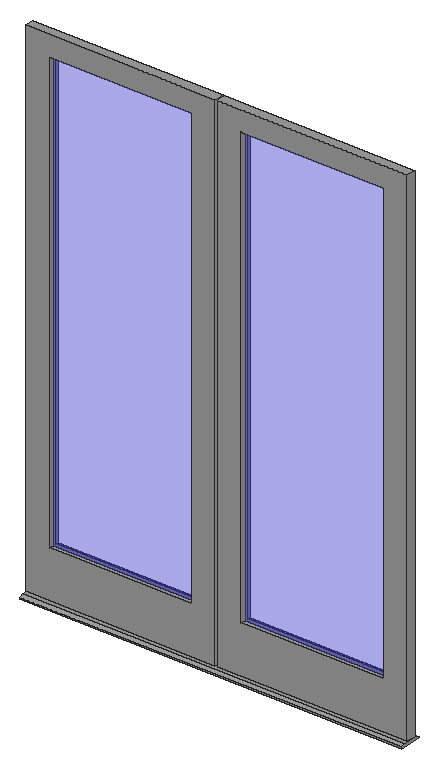
Revit family "ArmorOne-Entrance-MediumStile-ButtHinge-Pairs_Eng", category Curtain Panels, Revit 2017
Family settings
  OmniClass Number = 23.25.20.14.11.11.17
  OmniClass Title = Infill Panels
  Always vertical = Yes
  Cut with Voids When Loaded = No
  Shared = No
Parameters
  Width [instance] = 6' - 2"
  Wide Stile Entrance [instance] = not(Medium Stile Entrance)  # no
  URL = "obe.com"
  Rough Width [instance] = 6' - 0"
  Offset [instance] = 0' - 0"
  Model = "AO DOOR"
  Min Panel Width [instance] = if(Rough Width > 5' 11 255/256", Rough Width, 6' 0")  # 6' - 0"
  Medium Stile Entrance [instance] = yes
  Manufacturer = "Oldcastle BuildingEnvelope®"
  Keynote = "08 11 00"
  Height [instance] = 8' - 0"
  Glass Material = Glass
  Frame Material = Aluminum
  Door Panel Height [instance] = Height + 0' 0 1/2"  # 8' - 0 1/2"
  Description = "ArmorOne Medium/Wide Stile Entrance  - 7/16\" Infill"
  Assembly Code = "B2030"
  Analytic Construction = "<None>"
  8 Bottom Rail [instance] = yes
  10 Bottom Rail [instance] = not([8 Bottom Rail])  # no
Reference planes (in)
  plane 1 "Front": y = 0
  plane 2: z = 0
  plane 3 "Center (Left/Right)": x = 0
  plane 4 "Left": x = -37
  plane 5 "Right": x = 37
  plane 6 "Top": z = 96
  plane 7: x = -36
  plane 8: x = 36
Text (in)
  text "Exterior" at (-54.29358, 31.38743, 0), in view "Ref. Level"
  text "Exterior" at (480, 41.53993, 89.60405), in view "Right"
  text "Exterior" at (-240, 57.82419, 105.78864), in view "Left"
Dimensions and locks (in)
  equal spacing: plane 4 "Left", plane 3 "Center (Left/Right)", plane 5 "Right"
  "Width": plane 4 "Left" to plane 5 "Right"
  "Height": plane 6 "Top" to plane 2
  equal spacing: plane 7, plane 3 "Center (Left/Right)", plane 8
  "Min Panel Width": plane 7 to plane 8
  aligned and locked: level to plane 2
  aligned and locked: plane 3 "Center (Left/Right)" to nested 1
  aligned and locked: plane 1 "Front" to nested 1
Nested families (in)
  nested 1: "Double Door-Panel" at (0, -16, 0), Frame Material <- "Frame Material", Glass Material <- "Glass Material", 8 Bottom Rail <- "8 Bottom Rail", Width <- "Min Panel Width", Height <- "Door Panel Height", Offset <- "Offset", Medium Stile Entrance <- "Medium Stile Entrance", type "MS-375 DOOR-Double-1-Panel"
    with Wing Width 3' - 0", built-in parameter 1001301 6' - 0", Wide Stile Entrance no, Pushbar Height 3' - 5 1/4", Offset 0' - 0", Medium Stile Entrance yes, built-in parameter 1001300 8' - 0 1/2", Glass Material Glass, Frame Material Aluminum, Edge of meeting stiles 0' - 4 1/32", Edge of door panel 0' - 4 1/16", Bottom Rail 0' - 8 59/64", 8 Bottom Rail yes, 10 Bottom Rail no
Definition of nested family "Double Door-Panel"
  Parameters (values of type "MS-375 DOOR-Double-1-Panel")
    Wing Width [instance] = Width / 2  # 3' - 0"
    Width [instance] = 6' - 0"
    Wide Stile Entrance [instance] = not(Medium Stile Entrance)  # no
    Offset [instance] = 0' - 11.1405"
    Medium Stile Entrance [instance] = yes
    Height [instance] = 8' - 0"
    Pushbar Height [instance] = 3' - 5 1/4"  # constant formula
    Glass Material [instance] = none
    Frame Material [instance] = none
    Edge of meeting stiles [instance] = if(Medium Stile Entrance, 0' 4 1/32", if(Wide Stile Entrance, 0' 5 9/32", 0' 4 1/32"))  # 0' - 4 1/32"
    Edge of door panel [instance] = if(Medium Stile Entrance, 0' 4 1/16", if(Wide Stile Entrance, 0' 5 5/16", 0' 4 1/16"))  # 0' - 4 1/16"
    Bottom Rail [instance] = if([8 Bottom Rail], 0' 8 59/64", 0' 10 59/64")  # 0' - 8 59/64"
    Analytic Construction = "<None>"
    10 Bottom Rail [instance] = not([8 Bottom Rail])  # no
    8 Bottom Rail [instance] = yes
  Reference planes (in)
    plane 1 "00": y = 4.0625
    plane 2: z = 0
    plane 3 "Center (Left/Right)": x = 0
    plane 4: z = 96
    plane 5: x = -36
    plane 6: x = 36
    plane 7 "Center (Front/Back)": y = 16
    plane 8 "Exterior": y = 4.5625
    plane 9: z = 48
    plane 10: z = 8.92187
    plane 11: z = 92.15625
    plane 12: z = 0
    plane 13 "Offset": y = 4.8595
  Forms (in)
    Sweep 1, solid, material <- "Frame Material"
      path origin (0, 4.0625, 0) x (1, 0, 0) y (0, 0, 1)
        loop
          line (-35.79555, 96) -> (-0.22004, 96)
      profile origin (-18.00779, 4.0625, 96) x (0, 0, 1) y (0, -1, 0)
        loop
          line (-0.625, -0.672) -> (-0.625, 1.078) -> (-2.87093, 1.078) -> (-4.437, 1.078) -> (-4.437, 0.215) -> (-3.84375, 0.215) -> (-3.84375, -0.215) -> (-4.625, -0.215) -> (-4.625, -0.672) -> (-2.87093, -0.672) -> (-0.625, -0.672)
    Sweep 2, solid, material <- "Frame Material"
      path origin (0, 4.0625, 0) x (1, 0, 0) y (0, 0, 1)
        loop
          line (-0.22004, 0) -> (-35.79555, 0)
      profile origin (-18.00779, 4.0625, 0) x (0, 0, -1) y (0, -1, 0)
        loop
          line (-4.94906, -0.672) -> (-0.6875, -0.672) -> (-0.6875, 1.078) -> (-4.94906, 1.078) -> (-9.49949, 1.078) -> (-9.49949, 0.215) -> (-8.92187, 0.215) -> (-8.92187, -0.215) -> (-9.68749, -0.215) -> (-9.68749, -0.672) -> (-4.94906, -0.672)
    Sweep 3, solid, material <- "Frame Material"
      path origin (0, 4.0625, 0) x (1, 0, 0) y (0, 0, 1)
        loop
          line (35.24042, 95.375) -> (35.24042, 0.6875)
      profile origin (35.24042, 4.0625, 48.03125) x (0, -1, 0) y (1, 0, 0)
        loop
          line (-0.672, 0.55758) -> (-0.672, -1.45435) -> (-0.672, -4.08417) -> (-0.21513, -4.08417) -> (-0.21513, -3.30292) -> (0.215, -3.30292) -> (0.215, -3.89617) -> (1.078, -3.89617) -> (1.078, -1.45435) -> (1.078, 0.55683) -> (-0.672, 0.66583) -> (-0.672, 0.55758)
    Sweep 4, solid, material <- "Frame Material"
      path origin (0, 4.0625, 0) x (1, 0, 0) y (0, 0, 1)
        loop
          line (-35.25, 95.375) -> (-35.25, 0.6875)
      profile origin (-35.25, 4.0625, 48.03125) x (0, -1, 0) y (1, 0, 0)
        loop
          line (-0.672, -0.65455) -> (1.078, -0.54555) -> (1.078, 1.46393) -> (1.078, 3.90575) -> (0.215, 3.90575) -> (0.215, 3.3125) -> (-0.215, 3.3125) -> (-0.215, 4.09375) -> (-0.672, 4.09375) -> (-0.672, 1.46393) -> (-0.672, -0.65455)
    Sweep 5, solid, material <- "Frame Material"
      path origin (0, 4.0625, 0) x (1, 0, 0) y (0, 0, 1)
        loop
          line (0, 95.375) -> (0, 0.6875)
      profile origin (0, 4.0625, 48.03125) x (0, -1, 0) y (1, 0, 0)
        loop
          line (-0.672, -0.22063) -> (-0.672, -2.18343) -> (-0.672, -4.8125) -> (-0.21513, -4.8125) -> (-0.21513, -4.03125) -> (0.215, -4.03125) -> (0.215, -4.6245) -> (1.078, -4.6245) -> (1.078, -2.18343) -> (1.078, -0.22063)
          arc (1.078, -0.22063) -> (0.203, -0.0625) -> (-0.672, -0.22063) r 2.5
        loop
          arc (-0.672, 0.22063) -> (0.203, 0.0625) -> (1.078, 0.22063) r 2.5
          line (1.078, 0.22063) -> (1.078, 2.18343) -> (1.078, 4.6245) -> (0.215, 4.6245) -> (0.215, 4.03125) -> (-0.21513, 4.03125) -> (-0.21513, 4.8125) -> (-0.672, 4.8125) -> (-0.672, 2.18343) -> (-0.672, 0.22063)
    Sweep 6, solid, material <- "Frame Material"
      path origin (0, 4.0625, 0) x (1, 0, 0) y (0, 0, 1)
        loop
          line (0.22004, 96) -> (35.79725, 96)
      profile origin (18.00864, 4.0625, 96) x (0, 0, 1) y (0, -1, 0)
        loop
          line (-0.625, -0.672) -> (-0.625, 1.078) -> (-2.74581, 1.078) -> (-4.437, 1.078) -> (-4.437, 0.215) -> (-3.84375, 0.215) -> (-3.84375, -0.215) -> (-4.625, -0.215) -> (-4.625, -0.672) -> (-2.74581, -0.672) -> (-0.625, -0.672)
    Sweep 7, solid, material <- "Frame Material"
      path origin (0, 4.0625, 0) x (1, 0, 0) y (0, 0, 1)
        loop
          line (35.79725, 0) -> (0.22004, 0)
      profile origin (18.00864, 4.0625, 0) x (0, 0, -1) y (0, -1, 0)
        loop
          line (-3.49593, -0.672) -> (-0.6875, -0.672) -> (-0.6875, 1.078) -> (-3.49593, 1.078) -> (-9.49949, 1.078) -> (-9.49949, 0.215) -> (-8.92187, 0.215) -> (-8.92187, -0.215) -> (-9.68749, -0.215) -> (-9.68749, -0.672) -> (-3.49593, -0.672)
    Extrusion 8, solid, material <- "Glass Material", detail levels coarse
      sketch origin (0, 0, 0) x (1, 0, 0) y (0, 1, 0)
        loop
          line (4.03125, 4.2775) -> (4.03125, 3.8475) -> (31.9375, 3.8475) -> (31.9375, 4.2775) -> (4.03125, 4.2775)
      from 92.15625 to 8.92188
    Extrusion 9, solid, material <- "Glass Material", detail levels medium+fine
      sketch origin (0, 0, 0) x (1, 0, 0) y (0, 1, 0)
        loop
          line (4.03125, 3.8475) -> (31.9375, 3.8475) -> (31.9375, 3.9725) -> (4.03125, 3.9725) -> (4.03125, 3.8475)
        loop
          line (31.9375, 4.2775) -> (4.03125, 4.2775) -> (4.03125, 4.1525) -> (31.9375, 4.1525) -> (31.9375, 4.2775)
      from 8.92188 to 92.15625
    Extrusion 10, solid, material <- "Glass Material", detail levels medium+fine
      sketch origin (0, 0, 0) x (1, 0, 0) y (0, 1, 0)
        loop
          line (-31.9375, 3.8475) -> (-4.03125, 3.8475) -> (-4.03125, 3.9725) -> (-31.9375, 3.9725) -> (-31.9375, 3.8475)
        loop
          line (-4.03125, 4.2775) -> (-31.9375, 4.2775) -> (-31.9375, 4.1525) -> (-4.03125, 4.1525) -> (-4.03125, 4.2775)
      from 8.92188 to 92.15625
    Extrusion 11, solid, material <- "Glass Material", detail levels coarse
      sketch origin (0, 0, 0) x (1, 0, 0) y (0, 1, 0)
        loop
          line (-31.9375, 4.2775) -> (-31.9375, 3.8475) -> (-4.03125, 3.8475) -> (-4.03125, 4.2775) -> (-31.9375, 4.2775)
      from 8.92188 to 92.15625
    Sweep 12, solid, material <- "Frame Material"
      path origin (0, 4.8595, 0) x (1, 0, 0) y (0, 0, 1)
        loop
          line (-35.798, 0) -> (35.798, 0)
      profile origin (0, 4.8595, 0) x (0, 0, 1) y (0, -1, 0)
        loop
          line (0.5, 2.53097) -> (0.19362, 3.188) -> (0, 3.188) -> (0, -0.812) -> (0.19362, -0.812) -> (0.5, -0.15497) -> (0.5, 2.53097)
  Cuts and joins
    joined: Sweep 1, Sweep 2, Sweep 3, Sweep 4, Sweep 5, Sweep 6, Sweep 7
  Lines and regions (in)
    model lines
      curve 1: line (4.5625, 4.5625, 91.875) -> (31.9375, 4.5625, 48.02216)
      curve 2: line (31.9375, 4.5625, 48.02216) -> (4.6245, 4.5625, 9.20312)
      curve 3: line (-4.8125, 4.5625, 91.875) -> (-31.407, 4.5625, 48)
      curve 4: line (-31.407, 4.5625, 48) -> (-4.8125, 4.5625, 9.20312)
  Dimensions and locks (in)
    "Height": plane 4 to level
    equal spacing: plane 5, plane 3 "Center (Left/Right)", plane 6
    "Width": plane 5 to plane 6
    plane 1 "00" to plane 8 "Exterior" to plane 13 "Offset" = 0' - 0 1/2" locked, 0' - 0.297" locked
    equal spacing: level, plane 9, plane 4
    locked: plane 3 "Center (Left/Right)" to Sweep 2 sketch curve at 0.22004
    locked: Sweep 3 sketch curve to plane 4 at 0.625
    locked: Sweep 4 sketch curve to plane 4 at 0.625
    locked: plane 3 "Center (Left/Right)" to Sweep 1 sketch curve at 0.22004
    locked: Sweep 6 sketch curve to plane 3 "Center (Left/Right)" at 0.22004
    locked: Sweep 7 sketch curve to plane 3 "Center (Left/Right)" at 0.22004
    locked: Sweep 5 sketch curve to plane 4 at 0.625
    "Bottom Rail": plane 10 to plane 2
    locked: Sweep 7 sketch curve to plane 10 at 0.57761
    locked: Sweep 7 sketch curve to plane 10 at 0.76561
    locked: Sweep 2 sketch curve to plane 10 at 0.57761
    locked: Sweep 2 sketch curve to plane 10 at 0.76561
    equal spacing: plane 4, plane 9, plane 12
    locked: plane 11 to Sweep 6 sketch curve at 0.59325
    locked: plane 11 to Sweep 6 sketch curve at 0.78125
    locked: plane 4 to plane 11 at 3.84375
    Extrusion 10 sketch curve to Extrusion 10 sketch curve to plane 1 "00" to Extrusion 10 sketch curve to Extrusion 10 sketch curve = 0' - 0 1/8" locked, 0' - 0.09" locked, 0' - 0.09" locked, 0' - 0 1/8" locked
    Extrusion 11 sketch curve to plane 1 "00" to Extrusion 11 sketch curve = 0' - 0.215" locked, 0' - 0.215" locked
    Extrusion 9 sketch curve to Extrusion 9 sketch curve to plane 1 "00" to Extrusion 9 sketch curve to Extrusion 9 sketch curve = 0' - 0 1/8" locked, 0' - 0.09" locked, 0' - 0.09" locked, 0' - 0 1/8" locked
    Extrusion 8 sketch curve to plane 1 "00" to Extrusion 8 sketch curve = 0' - 0.215" locked, 0' - 0.215" locked
    "Offset": plane 13 "Offset" to plane 7 "Center (Front/Back)"
    locked: plane 1 "00" to nested 1 at 0
    locked: plane 6 to Sweep 12 sketch curve at 0.202
    locked: Sweep 12 sketch curve to plane 5 at 0.202
    locked: Sweep 4 sketch curve to plane 12 at 0.6875
    locked: Sweep 5 sketch curve to plane 12 at 0.6875
    locked: Sweep 3 sketch curve to plane 12 at 0.6875
    nested 3 to plane 13 "Offset" = 0' - 0.797"
    "Edge of door panel": plane 5 to Sweep 4 sketch curve
    Sweep 4 sketch curve to Sweep 4 sketch curve to Sweep 4 sketch curve = 0' - 0.59325" locked, 0' - 0.188" locked
    "Edge of door panel": Sweep 3 sketch curve to plane 6
    Sweep 3 sketch curve to Sweep 3 sketch curve to Sweep 3 sketch curve = 0' - 0.188" locked, 0' - 0.59325" locked
    "Edge of meeting stiles": Sweep 5 sketch curve to plane 3 "Center (Left/Right)"
    "Edge of meeting stiles": plane 3 "Center (Left/Right)" to Sweep 5 sketch curve
    Sweep 5 sketch curve to Sweep 5 sketch curve to Sweep 5 sketch curve = 0' - 0.188" locked, 0' - 0.59325" locked
    Sweep 5 sketch curve to Sweep 5 sketch curve to Sweep 5 sketch curve = 0' - 0.59325" locked, 0' - 0.188" locked
    Sweep 4 sketch curve to Sweep 4 sketch curve to Sweep 4 sketch curve to Sweep 4 sketch curve to plane 13 "Offset" = 0' - 0.863" locked, 0' - 0.43" locked, 0' - 0.457" locked, 0' - 0 1/8" locked
    Sweep 5 sketch curve to Sweep 5 sketch curve to Sweep 5 sketch curve to Sweep 5 sketch curve to plane 13 "Offset" = 0' - 0.863" locked, 0' - 0.43012" locked, 0' - 0.45687" locked, 0' - 0 1/8" locked  (x2)
    Sweep 3 sketch curve to Sweep 3 sketch curve to Sweep 3 sketch curve to Sweep 3 sketch curve to plane 13 "Offset" = 0' - 0.863" locked, 0' - 0.43012" locked, 0' - 0.45687" locked, 0' - 0 1/8" locked
    aligned and locked: plane 2 to level
    aligned and locked: plane 3 "Center (Left/Right)" to nested 1
    aligned and locked: Sweep 1 sketch curve to plane 4
    aligned and locked: Sweep 2 sketch curve to level
    aligned and locked: level to nested 2
    aligned and locked: nested 2 to plane 1 "00"
    aligned and locked: plane 3 "Center (Left/Right)" to Sweep 5 sketch curve
    aligned and locked: Sweep 7 sketch curve to level
    aligned and locked: plane 4 to Sweep 6 sketch curve
    aligned and locked: Extrusion 10 to plane 10
    aligned and locked: Extrusion 11 to plane 10
    aligned and locked: Extrusion 9 to plane 10
    aligned and locked: Extrusion 8 to plane 10
    aligned and locked: plane 9 to curve 3
    aligned and locked: Sweep 12 sketch curve to plane 12
    aligned and locked: plane 3 "Center (Left/Right)" to nested 3
    aligned and locked: Sweep 7 sketch curve to plane 10
    aligned and locked: plane 1 "00" to nested 3
    aligned and locked: plane 1 "00" to nested 1
    aligned and locked: Extrusion 9 to Sweep 3  (x2)
    aligned and locked: Extrusion 9 to Sweep 5  (x2)
    aligned and locked: Extrusion 8 to Sweep 5
    aligned and locked: Extrusion 8 to Sweep 3
    aligned and locked: Extrusion 10 to Sweep 5  (x2)
    aligned and locked: Extrusion 10 to Sweep 4  (x2)
    aligned and locked: Extrusion 11 to Sweep 5
    aligned and locked: Extrusion 11 to Sweep 4
    aligned and locked: plane 11 to Extrusion 11
    aligned and locked: plane 11 to Extrusion 10
    aligned and locked: plane 11 to Sweep 6 sketch curve
    aligned and locked: plane 11 to Extrusion 9
    aligned and locked: plane 11 to Extrusion 8
  Automatic sketch dimensions
    plane 3 "Center (Left/Right)" to Extrusion 8 sketch curve = 0' - 4 1/32"
    plane 3 "Center (Left/Right)" to Extrusion 9 sketch curve = 0' - 4 1/32"
    Extrusion 9 sketch curve to Extrusion 9 sketch curve = 0' - 0"  (x2)
    Extrusion 10 sketch curve to Extrusion 10 sketch curve = 0' - 0"  (x2)
    Extrusion 10 sketch curve to plane 3 "Center (Left/Right)" = 0' - 4 1/32"
    Extrusion 11 sketch curve to plane 3 "Center (Left/Right)" = 0' - 4 1/32"
    plane 5 to Sweep 1 sketch curve = 0' - 0.20445"
    plane 5 to Sweep 2 sketch curve = 0' - 0.20445"
    Sweep 3 sketch curve to plane 6 = 0' - 0.75958"
    plane 5 to Sweep 4 sketch curve = 0' - 0 3/4"
    Sweep 6 sketch curve to plane 6 = 0' - 0.20275"
    Sweep 7 sketch curve to plane 6 = 0' - 0.20275"
    Extrusion 8 sketch curve to plane 6 = 0' - 4 1/16"
    Extrusion 9 sketch curve to plane 6 = 0' - 4 1/16"
    plane 5 to Extrusion 10 sketch curve = 0' - 4 1/16"
    plane 5 to Extrusion 11 sketch curve = 0' - 4 1/16"
    plane 5 to curve 3 = 0' - 4.593"
    plane 9 to curve 2 = 0' - 0.02216"
    curve 1 to plane 11 = 0' - 0 9/32"
    plane 3 "Center (Left/Right)" to curve 1 = 0' - 4 9/16"
    plane 10 to curve 4 = 0' - 0 9/32"
    plane 10 to curve 2 = 0' - 0 9/32"
    curve 3 to plane 11 = 0' - 0 9/32"
    curve 4 to plane 3 "Center (Left/Right)" = 0' - 4 13/16"
    curve 3 to plane 3 "Center (Left/Right)" = 0' - 4 13/16"
    plane 3 "Center (Left/Right)" to curve 2 = 0' - 4.6245"
    curve 2 to plane 6 = 0' - 4 1/16"
    Sweep 1 sketch curve to plane 1 "00" = 0' - 0.215"
    profile plane to Sweep 1 sketch curve = 0' - 4 5/8"
    plane 1 "00" to Sweep 1 sketch curve = 0' - 0.215"
    Sweep 1 sketch curve to Sweep 1 sketch curve = 0' - 0.188"
    Sweep 1 sketch curve to Sweep 1 sketch curve = 0' - 0.59325"
    Sweep 1 sketch curve to Sweep 1 sketch curve = 0' - 0.97282"  (x2)
    profile plane to Sweep 1 sketch curve = 0' - 0 5/8"
    Sweep 1 sketch curve to plane 1 "00" = 0' - 0.672"
    plane 1 "00" to Sweep 1 sketch curve = 0' - 1.078"
    Sweep 6 sketch curve to Sweep 6 sketch curve = 0' - 1.09794"  (x2)
    profile plane to Sweep 6 sketch curve = 0' - 0 5/8"
    Sweep 6 sketch curve to plane 1 "00" = 0' - 0.672"
    Sweep 6 sketch curve to plane 1 "00" = 0' - 0.215"
    plane 1 "00" to Sweep 6 sketch curve = 0' - 0.215"
    plane 1 "00" to Sweep 6 sketch curve = 0' - 1.078"
    plane 1 "00" to Sweep 7 sketch curve = 0' - 1.078"
    profile plane to Sweep 7 sketch curve = 0' - 3.49593"
    Sweep 7 sketch curve to plane 1 "00" = 0' - 0.672"
    Sweep 7 sketch curve to Sweep 7 sketch curve = 0' - 0"
    profile plane to Sweep 7 sketch curve = 0' - 0 11/16"
    Sweep 7 sketch curve to plane 1 "00" = 0' - 0.215"
    plane 1 "00" to Sweep 7 sketch curve = 0' - 0.215"
    plane 1 "00" to Sweep 2 sketch curve = 0' - 0.215"
    Sweep 2 sketch curve to Sweep 2 sketch curve = 0' - 0.57761"
    plane 1 "00" to Sweep 2 sketch curve = 0' - 1.078"
    Sweep 2 sketch curve to Sweep 2 sketch curve = 0' - 3.97282"
    Sweep 2 sketch curve to plane 1 "00" = 0' - 0.672"
    Sweep 2 sketch curve to Sweep 2 sketch curve = 0' - 0"
    profile plane to Sweep 2 sketch curve = 0' - 0 11/16"
    Sweep 2 sketch curve to plane 1 "00" = 0' - 0.215"
    profile plane to Sweep 12 sketch curve = 0' - 0"
    Sweep 12 sketch curve to Sweep 12 sketch curve = 0' - 0.19362"  (x2)
    Sweep 12 sketch curve to plane 13 "Offset" = 0' - 0.15497"
    Sweep 12 sketch curve to profile plane = 0' - 0 1/2"
    Sweep 12 sketch curve to plane 13 "Offset" = 0' - 0.812"
    plane 13 "Offset" to Sweep 12 sketch curve = 0' - 3.188"
    Sweep 12 sketch curve to Sweep 12 sketch curve = 0' - 0.65703"
    profile plane to Sweep 3 sketch curve = 0' - 1.45435"  (x2)
    Sweep 3 sketch curve to profile plane = 0' - 0.55683"
    Sweep 3 sketch curve to profile plane = 0' - 0.55758"
    Sweep 3 sketch curve to Sweep 3 sketch curve = 0' - 0.10825"
    Sweep 4 sketch curve to profile plane = 0' - 1.46393"  (x2)
    profile plane to Sweep 4 sketch curve = 0' - 0.54555"
    profile plane to Sweep 4 sketch curve = 0' - 0.65455"
    plane 1 "00" to Sweep 5 sketch curve = 0' - 0.203"  (x2)
    Sweep 5 sketch curve to Sweep 5 sketch curve = 0' - 1 15/32"
    Sweep 5 sketch curve to Sweep 5 sketch curve = 0' - 0.37907"  (x3)
    profile plane to Sweep 5 sketch curve = 0' - 0.22063"
    Sweep 5 sketch curve to profile plane = 0' - 0.22063"
    Sweep 5 sketch curve to Sweep 5 sketch curve = 0' - 1.84782"
    Sweep 5 sketch curve to Sweep 5 sketch curve = 0' - 0"
  Nested families (in)
    nested 1: "M Stile-Double Door-Plan View" at (0, 4.0625, 0), Width <- "Width", Wing Width <- "Wing Width", visible <- "Medium Stile Entrance", type "M Stile-Double Door-Plan View"
      with Wing Width 3' - 0", Width 6' - 0"
    nested 2: "Door Section" at (0, 4.0625, 0) x (0, -1, 0) z (1, 0, 0), Height <- "Height", 8 Bottom Rail <- "8 Bottom Rail", type "Door Section"
      with Height 8' - 0", Bottom Rail 0' - 8 59/64", 8 Bottom Rail yes, 10 Bottom Rail no
    nested 3: "W Stile-Double Door-Plan View" at (0, 4.0625, 0), Width <- "Width", visible <- "Wide Stile Entrance", type "W Stile-Double Door-Plan View"
      with Wing Width 3' - 0", Width 6' - 0"
  Definition of nested family "M Stile-Double Door-Plan View"
    Parameters (values of type "M Stile-Double Door-Plan View")
      Wing Width [instance] = Width / 2  # 3' - 0"
      Width [instance] = 6' - 0"
    Reference planes (in)
      plane 1 "Center (Front/Back)": y = 0
      plane 2: z = 0
      plane 3 "Center (Left/Right)": x = 0
      plane 4: x = -36
      plane 5: x = 36
      plane 6: x = -35.23425
      plane 7: x = 35.23425
    Lines and regions (in)
      Filled region 1, type "Solid Fill - Black", in view "Ref. Level", detail levels fine
        outline origin (0, 0, 0) x (1, 0, 0) y (0, 1, 0)
          loop
            line (35.14425, 31.96875) -> (35.14425, 5.31227) -> (35.32425, 5.31227) -> (35.32425, 31.96875) -> (35.14425, 31.96875)
      Filled region 2, type "Solid Fill - Black", in view "Ref. Level", detail levels fine
        outline origin (0, 0, 0) x (1, 0, 0) y (0, 1, 0)
          loop
            line (-35.32425, 31.96875) -> (-35.32425, 5.31227) -> (-35.14425, 5.31227) -> (-35.14425, 31.96875) -> (-35.32425, 31.96875)
      detail lines, in view "Ref. Level"
        curve 1: arc (0.0625, 0, 0) -> (9.84243, 24.64316, 0) -> (33.85925, 35.87368, 0) r 35.9375
        curve 2: arc (-0.0625, 0, 0) -> (-9.84243, 24.64316, 0) -> (-33.85925, 35.87368, 0) r 35.9375
        curve 3: line (-35.44925, 32.0058, 0) -> (-35.44925, 5.31227, 0)
        curve 6: line (-35.01925, 32.0058, 0) -> (-35.01925, 5.31227, 0)
        curve 15: line (35.01925, 32.0058, 0) -> (35.01925, 5.31227, 0)
        curve 18: line (35.44925, 32.0058, 0) -> (35.44925, 5.31227, 0)
      detail lines, in view "Ref. Level", detail levels medium+fine
        curve 4: line (-35.32425, 32.0058, 0) -> (-35.32425, 5.31227, 0)
        curve 5: line (-35.14425, 32.0058, 0) -> (-35.14425, 5.31227, 0)
        curve 16: line (35.14425, 32.0058, 0) -> (35.14425, 5.31227, 0)
        curve 17: line (35.32425, 32.0058, 0) -> (35.32425, 5.31227, 0)
      detail lines, in view "Ref. Level", not visible
        curve 7: line (-32.23813, 0.5, 0) -> (-4.28125, 0.5, 0)
        curve 8: line (-32.23813, -0.252, 0) -> (-4.28125, -0.252, 0)
        curve 9: line (-32.23813, -0.5, 0) -> (-4.28125, -0.5, 0)
        curve 10: line (-32.23813, 0.252, 0) -> (-4.28125, 0.252, 0)
        curve 11: line (4.28125, 0.5, 0) -> (32.23813, 0.5, 0)
        curve 12: line (32.23813, 0.252, 0) -> (4.28125, 0.252, 0)
        curve 13: line (4.28125, -0.252, 0) -> (32.23813, -0.252, 0)
        curve 14: line (32.23813, -0.5, 0) -> (4.28125, -0.5, 0)
    Dimensions and locks (in)
      equal spacing: plane 4, plane 3 "Center (Left/Right)", plane 5
      "Wing Width": plane 1 "Center (Front/Back)" to nested 1
      "Wing Width": plane 1 "Center (Front/Back)" to nested 2
      locked: plane 1 "Center (Front/Back)" to nested 6 at 1.67175
      locked: nested 7 to plane 1 "Center (Front/Back)" at 1.67175
      locked: plane 4 to plane 6 at 0.76575
      locked: plane 7 to plane 5 at 0.76575
      "Width": plane 4 to plane 5
      plane 5 to nested 3 = 0' - 2 1/4"
      locked: nested 4 to plane 4 at 2.25
      locked: plane 5 to nested 3 at 2.25
      aligned and locked: plane 1 "Center (Front/Back)" to nested 3
      aligned and locked: nested 2 to plane 6
      aligned and locked: nested 4 to plane 1 "Center (Front/Back)"
      aligned and locked: nested 1 to plane 7
      aligned and locked: nested 5 to plane 1 "Center (Front/Back)"
      aligned and locked: nested 5 to plane 3 "Center (Left/Right)"
      aligned and locked: curve 16 to nested 1
      aligned and locked: curve 17 to nested 1
      aligned and locked: curve 15 to nested 1
      aligned and locked: Filled region 1 sketch curve to curve 16
      aligned and locked: curve 17 to Filled region 1 sketch curve
      aligned and locked: nested 1 to Filled region 1 sketch curve
      aligned and locked: Filled region 2 sketch curve to curve 4
      aligned and locked: curve 5 to Filled region 2 sketch curve
      aligned and locked: Filled region 2 sketch curve to nested 2
      aligned and locked: plane 7 to nested 6
      aligned and locked: plane 6 to nested 7
    Automatic sketch dimensions
      plane 1 "Center (Front/Back)" to curve 2 = 0' - 0"
      curve 2 to plane 4 = 0' - 0"
      plane 1 "Center (Front/Back)" to curve 1 = 0' - 0"
      curve 1 to plane 5 = 0' - 0"
      curve 2 to plane 6 = 0' - 1 3/8"
      curve 7 to plane 1 "Center (Front/Back)" = 0' - 0 1/2"
      curve 7 to plane 6 = 0' - 2.99612"
      curve 9 to curve 7 = 0' - 0"
      curve 10 to curve 7 = 0' - 0"  (x2)
      curve 8 to curve 9 = 0' - 0"  (x2)
      curve 7 to plane 3 "Center (Left/Right)" = 0' - 4 9/32"
      curve 9 to curve 10 = 0' - 0"
      curve 2 to plane 3 "Center (Left/Right)" = 0' - 0 1/16"
      plane 3 "Center (Left/Right)" to curve 1 = 0' - 0 1/16"
      curve 12 to plane 1 "Center (Front/Back)" = 0' - 0.252"
      curve 1 to curve 12 = 0' - 4 7/32"
      curve 14 to curve 12 = 0' - 0"
      curve 11 to curve 12 = 0' - 0"  (x2)
      curve 13 to curve 14 = 0' - 0"  (x2)
      plane 1 "Center (Front/Back)" to curve 14 = 0' - 0 1/2"
      plane 7 to curve 14 = 0' - 2.99612"
      curve 12 to curve 14 = 0' - 0"
      plane 7 to curve 1 = 0' - 1 3/8"
      plane 1 "Center (Front/Back)" to curve 8 = 0' - 0.252"
      curve 14 to curve 13 = 0' - 0.248"
      curve 9 to curve 8 = 0' - 0.248"
      curve 10 to curve 7 = 0' - 0.248"
      curve 12 to curve 11 = 0' - 0.248"
      curve 6 to plane 1 "Center (Front/Back)" = 0' - 5.31227"
      curve 5 to curve 6 = 0' - 0"  (x2)
      curve 16 to plane 1 "Center (Front/Back)" = 0' - 5.31227"
      curve 16 to curve 17 = 0' - 0"
      curve 4 to curve 5 = 0' - 0"
      curve 17 to curve 18 = 0' - 0"  (x2)
      curve 3 to curve 4 = 0' - 0"  (x2)
      curve 15 to curve 16 = 0' - 0"  (x2)
      curve 4 to curve 2 = 0' - 3.86788"
      curve 18 to curve 1 = 0' - 3.86788"
      curve 15 to curve 18 = 0' - 0"
      curve 4 to curve 6 = 0' - 0"
      curve 17 to curve 18 = 0' - 0 1/8"
      Filled region 1 sketch curve to plane 1 "Center (Front/Back)" = 0' - 5.31227"
      plane 6 to curve 3 = 0' - 0.215"
      plane 6 to curve 4 = 0' - 0.09"
      curve 5 to plane 6 = 0' - 0.09"
      curve 5 to curve 6 = 0' - 0 1/8"
      Filled region 2 sketch curve to plane 1 "Center (Front/Back)" = 0' - 5.31227"
    Nested families (in)
      nested 1: "M STILE-R-DI" at (35.23425, 36, 0) x (0, 1, 0) z (0, 0, 1), type "M STILE-R-DI", in view "Ref. Level"
      nested 2: "M STILE-L-DI" at (-35.23425, 36, 0) x (0, 1, 0) z (0, 0, 1), type "M STILE-L-DI", in view "Ref. Level"
      nested 3: "STILE-DI" at (38.25, 0, 0), type "STILE-DI", in view "Ref. Level", not visible
      nested 4: "STILE-DI" at (-38.25, 0, 0) x (-1, 0, 0) z (0, 0, 1), type "STILE-DI", in view "Ref. Level", not visible
      nested 5: "M STILE@PAIR-DI" at (0, 0, 0) x (-1, 0, 0) z (0, 0, 1), type "M STILE@PAIR-DI", in view "Ref. Level", not visible
      nested 6: "STILE-DI" at (35.23425, -1.67175, 0) x (0, -1, 0) z (0, 0, 1), type "STILE-DI", in view "Ref. Level"
      nested 7: "STILE-DI" at (-35.23425, -1.67175, 0) x (0, -1, 0) z (0, 0, 1), type "STILE-DI", in view "Ref. Level"
    Definition of nested family "M STILE-R-DI"
      Reference planes (in)
        plane 1 "Center (Front/Back)": y = 0
        plane 2: z = 0
        plane 3 "Center (Left/Right)": x = 0
    Definition of nested family "M STILE-L-DI"
      Reference planes (in)
        plane 1 "Center (Front/Back)": y = 0
        plane 2: z = 0
        plane 3 "Center (Left/Right)": x = 0
    Definition of nested family "STILE-DI"
      Reference planes (in)
        plane 1 "Center (Front/Back)": y = 0
        plane 2: z = 0
        plane 3 "Center (Left/Right)": x = 0
    Definition of nested family "M STILE@PAIR-DI"
      Reference planes (in)
        plane 1 "Center (Front/Back)": y = 0
        plane 2: z = 0
        plane 3 "Center (Left/Right)": x = 0
  Definition of nested family "Door Section"
    Parameters (values of type "Door Section")
      Height [instance] = 4' - 0"
      Bottom Rail [instance] = if([10 Bottom Rail], 0' 10 59/64", 0' 8 59/64")  # 0' - 10 59/64"
      8 Bottom Rail [instance] = no
      10 Bottom Rail [instance] = not([8 Bottom Rail])  # yes
    Reference planes (in)
      plane 1 "Center (Front/Back)": y = 0
      plane 2: z = 0
      plane 3 "Center (Left/Right)": x = 0
      plane 4: y = 44.125
      plane 5: y = 48
      plane 6: y = 10.92188
    Lines and regions (in)
      Filled region 1, type "Solid Fill - Black", in view "Ref. Level", detail levels fine
        outline origin (0, 0, 0) x (1, 0, 0) y (0, 1, 0)
          loop
            line (-0.09, 44.125) -> (-0.09, 10.92188) -> (0.09, 10.92188) -> (0.09, 44.125) -> (-0.09, 44.125)
      detail lines, in view "Ref. Level"
        curve 1: line (-0.215, 44.125, 0) -> (-0.215, 10.92188, 0)
        curve 4: line (0.215, 44.125, 0) -> (0.215, 10.92188, 0)
      detail lines, in view "Ref. Level", detail levels medium+fine
        curve 2: line (-0.09, 44.125, 0) -> (-0.09, 10.92188, 0)
        curve 3: line (0.09, 44.125, 0) -> (0.09, 10.92188, 0)
    Dimensions and locks (in)
      nested 1 to plane 5 to plane 4 = 0' - 2 31/32" locked, 0' - 3 7/8" locked
      "Bottom Rail": plane 1 "Center (Front/Back)" to plane 6
      "Height": plane 1 "Center (Front/Back)" to plane 5
      plane 1 "Center (Front/Back)" to nested 2 to nested 3 = 0' - 8.92224" locked, 0' - 2" locked
      aligned and locked: plane 3 "Center (Left/Right)" to nested 1
      aligned and locked: plane 3 "Center (Left/Right)" to nested 2
      aligned and locked: plane 3 "Center (Left/Right)" to nested 3
      aligned and locked: plane 4 to curve 1
      aligned and locked: plane 4 to curve 2
      aligned and locked: plane 4 to curve 3
      aligned and locked: plane 4 to curve 4
      aligned and locked: plane 6 to curve 1
      aligned and locked: plane 6 to curve 2
      aligned and locked: plane 6 to curve 3
      aligned and locked: plane 6 to curve 4
      aligned and locked: Filled region 1 sketch curve to curve 2
      aligned and locked: curve 3 to Filled region 1 sketch curve
      aligned and locked: Filled region 1 sketch curve to plane 6
      aligned and locked: Filled region 1 sketch curve to plane 4
    Automatic sketch dimensions
      curve 1 to plane 3 "Center (Left/Right)" = 0' - 0.215"
      plane 3 "Center (Left/Right)" to curve 3 = 0' - 0.09"
      curve 1 to curve 2 = 0' - 0 1/8"
      curve 3 to curve 4 = 0' - 0 1/8"
    Nested families (in)
      nested 1: "TOP RAIL-DI" at (0, 50.96875, 0), type "TOP RAIL-DI", in view "Ref. Level"
      nested 2: "BOT RAIL-8-DI" at (0, 8.92224, 0), visible <- "8 Bottom Rail", type "BOT RAIL-8-DI", in view "Ref. Level"
      nested 3: "BOT RAIL-10-DI" at (0, 10.92224, 0), visible <- "10 Bottom Rail", type "BOT RAIL-10-DI", in view "Ref. Level"
    Definition of nested family "TOP RAIL-DI"
      Reference planes (in)
        plane 1 "Center (Front/Back)": y = 0
        plane 2: z = 0
        plane 3 "Center (Left/Right)": x = 0
    Definition of nested family "BOT RAIL-8-DI"
      Reference planes (in)
        plane 1 "Center (Front/Back)": y = 0
        plane 2: z = 0
        plane 3 "Center (Left/Right)": x = 0
    Definition of nested family "BOT RAIL-10-DI"
      Reference planes (in)
        plane 1 "Center (Front/Back)": y = 0
        plane 2: z = 0
        plane 3 "Center (Left/Right)": x = 0
  Definition of nested family "W Stile-Double Door-Plan View"
    Parameters (values of type "W Stile-Double Door-Plan View")
      Wing Width [instance] = Width / 2  # 3' - 0"
      Width [instance] = 6' - 0"
    Reference planes (in)
      plane 1 "Center (Front/Back)": y = 0
      plane 2: z = 0
      plane 3 "Center (Left/Right)": x = 0
      plane 4: x = -36
      plane 5: x = 36
      plane 6: x = -35.23425
      plane 7: x = 35.23425
    Lines and regions (in)
      Filled region 1, type "Solid Fill - Black", in view "Ref. Level", detail levels fine
        outline origin (0, 0, 0) x (1, 0, 0) y (0, 1, 0)
          loop
            line (35.14425, 30.71875) -> (35.14425, 5.89075) -> (35.32425, 5.89075) -> (35.32425, 30.71875) -> (35.14425, 30.71875)
      Filled region 2, type "Solid Fill - Black", in view "Ref. Level", detail levels fine
        outline origin (0, 0, 0) x (1, 0, 0) y (0, 1, 0)
          loop
            line (-35.32425, 30.71888) -> (-35.32425, 5.89075) -> (-35.14425, 5.89075) -> (-35.14425, 30.71888) -> (-35.32425, 30.71888)
      detail lines, in view "Ref. Level"
        curve 1: arc (0.0625, 0, 0) -> (9.84243, 24.64316, 0) -> (33.85925, 35.87368, 0) r 35.9375
        curve 2: arc (-0.0625, 0, 0) -> (-9.84243, 24.64316, 0) -> (-33.85925, 35.87368, 0) r 35.9375
        curve 11: line (35.44925, 5.89075, 0) -> (35.44925, 30.71875, 0)
        curve 14: line (35.01925, 5.89075, 0) -> (35.01925, 30.71875, 0)
        curve 15: line (-35.01925, 30.71888, 0) -> (-35.01925, 5.89075, 0)
        curve 18: line (-35.44925, 30.71888, 0) -> (-35.44925, 5.89075, 0)
      detail lines, in view "Ref. Level", not visible
        curve 3: line (-31.23738, 0.215, 0) -> (-5.28125, 0.215, 0)
        curve 4: line (-31.23738, -0.09, 0) -> (-5.28125, -0.09, 0)
        curve 5: line (-31.23738, -0.215, 0) -> (-5.28125, -0.215, 0)
        curve 6: line (-31.23738, 0.09, 0) -> (-5.28125, 0.09, 0)
        curve 7: line (5.28125, 0.215, 0) -> (31.23738, 0.215, 0)
        curve 8: line (31.23738, 0.09, 0) -> (5.28125, 0.09, 0)
        curve 9: line (5.28125, -0.09, 0) -> (31.23738, -0.09, 0)
        curve 10: line (31.23738, -0.215, 0) -> (5.28125, -0.215, 0)
      detail lines, in view "Ref. Level", detail levels medium+fine
        curve 12: line (35.32425, 5.89075, 0) -> (35.32425, 30.71875, 0)
        curve 13: line (35.14425, 5.89075, 0) -> (35.14425, 30.71875, 0)
        curve 16: line (-35.14425, 30.71888, 0) -> (-35.14425, 5.89075, 0)
        curve 17: line (-35.32425, 30.71888, 0) -> (-35.32425, 5.89075, 0)
    Dimensions and locks (in)
      equal spacing: plane 4, plane 3 "Center (Left/Right)", plane 5
      "Wing Width": plane 1 "Center (Front/Back)" to nested 6
      "Wing Width": plane 1 "Center (Front/Back)" to nested 5
      locked: plane 4 to plane 6 at 0.76575
      locked: plane 7 to plane 5 at 0.76575
      "Width": plane 4 to plane 5
      plane 5 to nested 1 = 0' - 2 1/4"
      locked: nested 2 to plane 4 at 2.25
      locked: plane 5 to nested 1 at 2.25
      locked: nested 4 to plane 1 "Center (Front/Back)" at 1.67175
      locked: nested 7 to plane 1 "Center (Front/Back)" at 1.67175
      locked: nested 6 to Filled region 1 at 5.28125
      locked: nested 5 to Filled region 2 at 5.28112
      aligned and locked: plane 1 "Center (Front/Back)" to nested 1
      aligned and locked: nested 2 to plane 1 "Center (Front/Back)"
      aligned and locked: nested 3 to plane 1 "Center (Front/Back)"
      aligned and locked: nested 3 to plane 3 "Center (Left/Right)"
      aligned and locked: curve 8 to nested 1
      aligned and locked: curve 7 to nested 1
      aligned and locked: curve 9 to nested 1
      aligned and locked: curve 10 to nested 1
      aligned and locked: curve 6 to nested 3
      aligned and locked: curve 3 to nested 3
      aligned and locked: curve 4 to nested 3
      aligned and locked: curve 5 to nested 3
      aligned and locked: plane 7 to nested 4
      aligned and locked: nested 6 to plane 7
      aligned and locked: nested 5 to plane 6
      aligned and locked: plane 6 to nested 7
      aligned and locked: curve 15 to Filled region 2
    Automatic sketch dimensions
      plane 7 to Filled region 1 sketch curve = 0' - 0.09"
      Filled region 1 sketch curve to plane 7 = 0' - 0.09"
      Filled region 1 sketch curve to plane 1 "Center (Front/Back)" = 0' - 5.89075"
      Filled region 1 sketch curve to Filled region 1 sketch curve = 2' - 0.828"
      plane 6 to Filled region 2 sketch curve = 0' - 0.09"
      Filled region 2 sketch curve to plane 6 = 0' - 0.09"
      Filled region 2 sketch curve to plane 1 "Center (Front/Back)" = 0' - 5.89075"
      Filled region 2 sketch curve to Filled region 2 sketch curve = 2' - 0 53/64"
      plane 1 "Center (Front/Back)" to curve 2 = 0' - 0"
      curve 2 to plane 4 = 0' - 0"
      plane 1 "Center (Front/Back)" to curve 1 = 0' - 0"
      curve 1 to plane 5 = 0' - 0"
      plane 6 to curve 18 = 0' - 0.215"
      plane 6 to curve 17 = 0' - 0.09"
      curve 16 to plane 6 = 0' - 0.09"
      curve 16 to curve 15 = 0' - 0 1/8"
      curve 2 to plane 6 = 0' - 1 3/8"
      curve 3 to plane 6 = 0' - 3.99687"
      curve 6 to curve 3 = 0' - 0"
      curve 4 to curve 6 = 0' - 0"
      curve 5 to curve 4 = 0' - 0"
      curve 6 to plane 3 "Center (Left/Right)" = 0' - 5 9/32"
      curve 5 to curve 6 = 0' - 0"
      curve 3 to curve 6 = 0' - 0"
      curve 4 to curve 5 = 0' - 0"
      curve 2 to plane 3 "Center (Left/Right)" = 0' - 0 1/16"
      plane 3 "Center (Left/Right)" to curve 1 = 0' - 0 1/16"
      curve 1 to curve 10 = 0' - 5 7/32"
      curve 8 to curve 10 = 0' - 0"
      curve 9 to curve 10 = 0' - 0"
      curve 7 to curve 8 = 0' - 0"  (x2)
      plane 7 to curve 8 = 0' - 3.99687"
      curve 9 to curve 8 = 0' - 0"
      curve 10 to curve 9 = 0' - 0"
      plane 7 to curve 1 = 0' - 1 3/8"
      plane 7 to curve 14 = 0' - 0.215"
      plane 7 to curve 13 = 0' - 0.09"
      curve 12 to plane 7 = 0' - 0.09"
      curve 12 to curve 11 = 0' - 0 1/8"
      curve 17 to plane 1 "Center (Front/Back)" = 0' - 5.89075"
      curve 17 to curve 16 = 0' - 0"
      curve 11 to plane 1 "Center (Front/Back)" = 0' - 5.89075"
      curve 16 to curve 15 = 0' - 0"  (x2)
      curve 12 to curve 11 = 0' - 0"  (x2)
      curve 18 to curve 17 = 0' - 0"  (x2)
      curve 13 to curve 12 = 0' - 0"
      curve 14 to curve 13 = 0' - 0"  (x2)
      curve 17 to curve 15 = 0' - 0"
      curve 12 to curve 1 = 0' - 5.15493"
      curve 14 to curve 12 = 0' - 0"
    Nested families (in)
      nested 1: "STILE-DI" at (38.25, 0, 0), type "STILE-DI", in view "Ref. Level", not visible
      nested 2: "STILE-DI" at (-38.25, 0, 0) x (-1, 0, 0) z (0, 0, 1), type "STILE-DI", in view "Ref. Level", not visible
      nested 3: "M STILE@PAIR-DI.dwg" at (0, 0, 0) x (-1, 0, 0) z (0, 0, 1), type "M STILE@PAIR-DI", in view "Ref. Level", not visible
      nested 4: "STILE-DI" at (35.23425, -1.67175, 0) x (0, -1, 0) z (0, 0, 1), type "STILE-DI", in view "Ref. Level"
      nested 5: "M STILE-L-DI.dwg" at (-35.23425, 36, 0) x (0, 1, 0) z (0, 0, 1), type "M STILE-L-DI", in view "Ref. Level"
      nested 6: "M STILE-R-DI.dwg" at (35.23425, 36, 0) x (0, 1, 0) z (0, 0, 1), type "M STILE-R-DI", in view "Ref. Level"
      nested 7: "STILE-DI" at (-35.23425, -1.67175, 0) x (0, -1, 0) z (0, 0, 1), type "STILE-DI", in view "Ref. Level"
    Definition of nested family "STILE-DI"
      Reference planes (in)
        plane 1 "Center (Front/Back)": y = 0
        plane 2: z = 0
        plane 3 "Center (Left/Right)": x = 0
    Definition of nested family "M STILE@PAIR-DI.dwg"
      Reference planes (in)
        plane 1 "Center (Front/Back)": y = 0
        plane 2: z = 0
        plane 3 "Center (Left/Right)": x = 0
    Definition of nested family "M STILE-L-DI.dwg"
      Types (2): name
        M STILE-L-DI.dwg
        M STILE-L-DI
      Reference planes (in)
        plane 1 "Center (Front/Back)": y = 0
        plane 2: z = 0
        plane 3 "Center (Left/Right)": x = 0
    Definition of nested family "M STILE-R-DI.dwg"
      Reference planes (in)
        plane 1 "Center (Front/Back)": y = 0
        plane 2: z = 0
        plane 3 "Center (Left/Right)": x = 0
